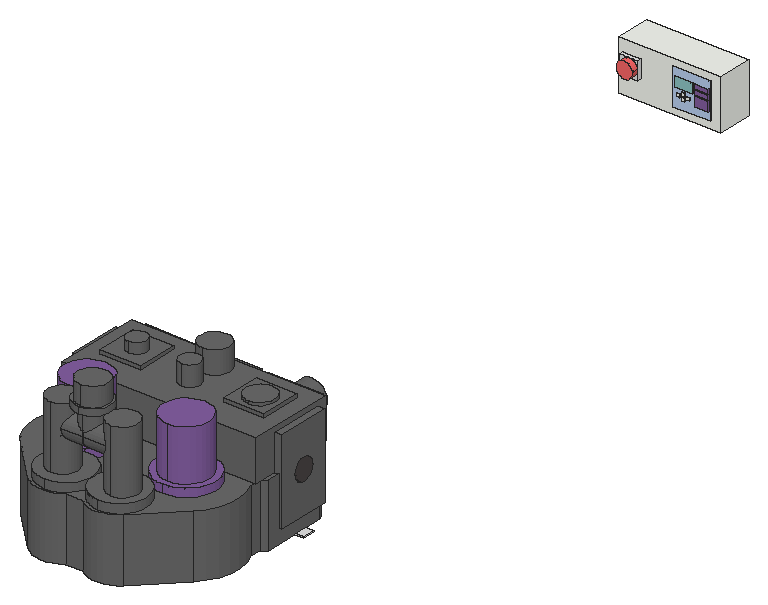
Revit family "11606", category Generic Models, Revit 2021
Family settings
  Can host rebar = No
  Round Connector Dimension = Use Diameter
  Part Type = Normal
  Work Plane-Based = No
  Always vertical = Yes
  Cut with Voids When Loaded = No
  Shared = Yes
  Room Calculation Point = No
Parameters (values of type "11606")
  SUPPLIER = "KESSEL"
  SA700ID50 = "intern"
  SA700ID49 = "Protection Class I"
  SA700ID48 = "no"
  SA700ID47 = "no"
  SA700ID46 = "yes"
  SA700ID37 = 16000 mm
  SA700ID34 = 47
  SA700ID33 = 3.2 W
  SA700ID32 = 58.83 kg
  SA700ID31 = 1
  SA700ID30 = 2
  SA700ID29 = "GLRD"
  SA700ID21 = 1600
  SA700ID10 = "yes"
  SA700ID08 = 400 V
  PROCUREWEBLINK = "https://p.caden.as/kessel/11606"
  PROCURELINK = "p.caden.as/kessel/11606"
  PROCUREDATALASTUPDATE = "2024-05-22T12:17:39.239053375+01:00"
  PRC_SPECIFICATIONLINK = "https://ausschreiben.de/catalog/kessel/catalogItem/27b4feb3-8cee-4f3e-bb78-c05c02e7d277"
  NN = "Lifting station Aqualift F"
  NBSYN = "$SA810ID03."
  NB = "11606"
  Model = "11606"
  Manufacturer = "KESSEL"
  MIdent = "{$CADENAS_DATA/23d-libs/kessel/kessel_vdi_import/4/entwaesserung/hebeanlage20aqualift20f.prj},197 {STYP=ASS},{VTYP=3D},{NB=11606},{LINA=11606},{NN=Lifting station Aqualift F},{DATE=21.11.2022 10:45:45},{GEOMDATE=21.11.2022 10:45:45},{VERSION=},{LINEID=60},{WBVAR=LODLEVEL},{WBNUMERIC=LODLEVEL}  {NB=11606},{LINA=11606},{KT=DUMMY},{PREVIEW=../../bilder/ksb_w_11606.png},{SA700ID04=Hebeanlage Aqualift F Duo, Comfort, SPF 3000-S1},{SA810ID06=04026092071045},{SA700ID34=47.00},{SA010ID03=201805},{SA810ID03=11606},{SA810ID10=Die Hebeanlage für fäkalienhaltiges und fäkalienfreies Abwasser ist mit zwei überflutbaren Pumpen sowie einem Rückflussverhinderer ausgestattet. Der Sammelbehälter aus dauerhaft beständigem Kunststoff (PE) bietet universale Anschlussmöglichkeiten und hat eine verschraubte Reinigungsöffnung.Die Steuerung erfolgt durch ein anwenderfreundliches Schaltgerät, das optional über einen potentialfreien Kontakt in die Gebäudeleittechnik eingebunden werden oder Alarm- und Sammelstörmeldungen über eine GSM-Schnittstelle (Comfort Schaltgerät) ausgeben kann.Ausführung:Absperreinrichtung: ohne SchieberAnlagenart: DoppelanlagePumpensteuerung: SchaltgerätRückflussverhinderer: integriertSchalldämmmatte: jaEinbausituation: freie AufstellungAbwasserart: fäkalienhaltigAllgemeine Merkmale:Farbe: schwarzNorm: EN 12050-1Abmessungen:Länge: 773 mmBreite: 780 mmHöhe: 539 mmBehälter/Grundkörper:Zulauf Anzahl: 2 STZulauf Nennweite (DN): 100 mmZulauf Nennweite (DA): 110 mmZulauf max. Anbohrung (DN): 150 mmAbstand Rohrsohle Zulauf zu Behälterboden: 245 mmAbstand Rohrmitte Zulauf zu Behälterboden: 300 mmAnschluss für Handmembranpumpe (DN): 32Behältervolumen: 120 lDruckabgang: senkrechtDruckabgang (DA): 110 mmDruckabgang (DN): 100 mmEntlüftungsanschluss (DN): 70 mmNutzvolumen: 50 lFreier Kugeldurchgang: 40 mmFördereinrichtung:Pumpe: SPF 3000Anzahl Pumpen: 2Förderhöhe max.: 16 mFörderleistung max.: 47 m3/hBetriebsart: S1Leistung P1: 3,2 kWLeistung P2: 2,7 kWDrehzahl: 2.890 U/minFörderguttemperatur (dauerhaft) max.: 40 °CAnschlusstyp: DirektanschlussGewicht: 26 kgLaufrad Typ: FreistromradLänge Netzanschlussleitung Pumpe: 5 mNennstrom: 5,4 ASchutzart Pumpe: IP 68 (3m/48h)Schutzklasse: ITyp Anschlussleitung Pumpe: H07RN-F 7G 1,5 mm2Temperaturüberwachung: integriertSteuerung:Schaltgerät: ComfortBetriebsspannung: 400 VNetzfrequenz: 50 HzSelbstdiagnosesystem (SDS): jaBatteriepufferung: jaMehrzeilige Displayanzeige: jaLogbuchfunktion: jaGSM-Schnittstelle: jaPotentialfreier Kontakt: jaErforderliche Absicherung (Leitungsschutz): 3 x C 20 AMotorschutz Schalter: jaSchutzart Schaltgerät: IP 54Länge Netzanschlussleitung Schaltgerät: 0 mArt Niveauerfassung: pneumatischInstrument Niveauerfassung: Tauchrohr mit DruckwächterAlarmgeber: Tauchrohr},{SA700ID37=16.00},{SA700ID33=3.20},{SA700ID08=400},{SA700ID30=2},{SA700ID32=58.83},{SA700ID49=Schutzklasse I},{SA700ID50=intern},{SA200ID03=6},{SA250ID03=vertikal},{SA260ID03=Trockenläuferpumpe},{SA350ID03=normalansaugend},{SA400ID03=E-Motor für Drehstrom},{SA460ID03=direkt},{SA500ID03=Kunststoff, Edelstahl},{SA700ID06=100},{SA700ID07=100},{SA700ID09=3/N/PE 400V},{SA700ID10=Ja},{SA700ID11=50},{SA700ID12=IP 68},{SA700ID13=F},{SA700ID15=40},{SA700ID21=1600.00},{SA700ID22=2.70},{SA700ID23=2890},{SA700ID24=2890},{SA700ID26=5.40},{SA700ID27=41.00},{SA700ID28=durchgehend},{SA700ID29=GLRD},{SA700ID31=1},{SA700ID46=ja},{SA700ID47=nein},{SA700ID48=nein},{SA110ID04=Hebeanlage Aqualift F},{SA300ID03=einstufig},{SA700ID44=10.00},{SA700ID45=10.00},{SA010ID04=KESSEL AG},{LODLEVEL=200},{LINK=https://www.kessel.de/info?han=11606},{SA970ID01=970},{SA970ID02=7037},{SA970ID03=11606},{SA970ID04=11002617},{SA970ID05=QUAD},{SA970ID06=-410},{SA970ID07=-678},{SA970ID08=0},{SA970ID09=1},{SA970ID10=0},{SA970ID11=0},{SA970ID12=0},{SA970ID13=1},{SA970ID14=0},{SA970ID15=819.99},{SA970ID16=843},{SA970ID17=600},{LODLEVEL_=200,'Low'},{LODLEVEL_DEU=200,'Low'},{LINK_=https://www.kessel.de/info?han=11606},{LINK_DEU=https://www.kessel.de/info?han=11606},{LODLEVEL_3DB=11606_200},{DNIN1=100},{DNIN2=70},{DNIN3=10},{DNIN4=10},{DNIN5=10},{DNIN6=50},{DNIN7=50},{DNIN8=50},{DNIN9=50},{DNOUT1=100},{DNOUT2=70},{DNOUT3=32},{ISDIN1=75},{ISDIN2=83.200},{ISDIN3=10},{ISDOUT1=70.000},{ISDOUT2=73.200},{ISDOUT3=75},{SA010ID01=010},{SA010ID02=4},{SA010ID06=www.kessel.de},{SA010ID07=www.kessel.de},{SA010ID12=20180713},{SA010ID13=DEU},{SA010ID14=DE},{SA100ID01=100},{SA100ID02=4},{SA100ID04=Entwässerung},{SA110ID01=110},{SA110ID02=4},{SA200ID01=200},{SA200ID02=6},{SA250ID01=250},{SA250ID02=2},{SA260ID01=260},{SA260ID02=2},{SA300ID01=300},{SA300ID02=1},{SA350ID01=350},{SA350ID02=1},{SA400ID01=400},{SA400ID02=2},{SA460ID01=460},{SA460ID02=1},{SA500ID01=500},{SA500ID02=1},{SA700ID01=700},{SA700ID02=7},{SA700ID10_=1},{SA700ID16=0},{SA700ID25=0},{SA700ID46_=1},{SA700ID47_=0},{SA700ID48_=0},{SA700ID49_=1},{SA700ID50_=2},{SA800ID01=800},{SA800ID02=7},{SA810ID01=810},{SA810ID02=7},{SA810ID04=11606},{SA810ID07=7},{SA810ID09=1},{SA810ID14=PCE},{SA810ID15=1},{SA810ID16=NMP},{SA960ID03=7},{SA960ID04=3L},{SA960ID08=https://www.kessel.de/info?han=11606},{SA010ID08=4026092000007},{SA100ID05=Hebeanlage},{SA110ID06=Hebeanlage}"
  LINK = "https://www.kessel.de/info?han=11606"
  LINA = "11606"
  Default Elevation = 0 mm
  CREATOR = "CADENAS GmbH"
  CATALOG = "KESSEL"
  BOMINFO = "LINA"
  ARTICLENO = "NB"
  4.810.00.9 Order quantity (multiplicator) = "1"
  4.810.00.7 Media- connection number = "7"
  4.810.00.6 GTIN number = "04026092071045"
  4.810.00.4 DATANORM number = "11606"
  4.810.00.3 Producer order number = "11606"
  4.710.03.7 Mass (net) = 58.83 kg
  4.710.03.6 Height = 539 mm
  4.710.03.5 Width = 780 mm
  4.710.03.4 Length = 773 mm
  4.710.03.3 Type of dimensions = "2"
  4.710.02.8 Area of application of wastewater pump = "1"
  4.710.02.6 Duty type = "S1"
  4.710.02.5 Cutting device = "0"
  4.710.02.4 Attached pump control = "1"
  4.710.02.3 Free passage = 40 mm
  4.710.01.6 Option to connect to building automation = "40"
  4.710.01.5 Load regulation = "0"
  4.710.01.4 Designation of closed-loop control = "50"
  4.710.01.3 Identifier for closed-loop control = "120"
  4.700.00.9 Voltage = 0
  4.700.00.8 Nominal connection size on suction side = "100"
  4.700.00.7 Nominal connection size on pressure side = "100"
  4.700.00.6 Type of connection = "100"
  4.700.00.4 Product indentification = "Hebeanlage Aqualift F Duo, Comfort, SPF 3000-S1"
  4.700.00.28 Motor pump shaft = "durchgehend"
  4.700.00.27 Starting current = 41
  4.700.00.26 Maximum power consumption per pump / drive = 5.4
  4.700.00.25 Minimum speed at internal speed adjustment = 0
  4.700.00.24 Nominal speed / maximum speed n = 48.1667
  4.700.00.23 Nominal speed of motor = 48.1667
  4.700.00.22 Maximum shaft output (P2) per pump/drive = 2.7 W
  4.700.00.16 Maximum temperature of pumped medium = 0 °C
  4.700.00.15 Increased safety class = "40 °C"
  4.700.00.13 Type of protection = "F"
  4.700.00.12 Frequency = 0
  4.700.00.11 Stern-/Dreieck-Anlaufschaltung bei Dreiphasenanschluss oder Drehstrom = "50 Hz"
  4.700.00.10 Phase = "1"
  4.500.00.3 Variant / Variant type / Accessories-name = "Kunststoff, Edelstahl"
  4.460.00.3 Variant / Variant type / Accessories-name = "direkt"
  4.400.00.3 Variant / Variant type / Accessories-name = "E-Motor für Drehstrom"
  4.350.00.3 Variant / Variant type / Accessories-name = "normalansaugend"
  4.300.00.3 Variant / Variant type / Accessories-name = "einstufig"
  4.260.00.3 Variant / Variant type / Accessories-name = "Trockenläuferpumpe"
  4.250.00.3 Variant / Variant type / Accessories-name = "vertikal"
  4.200.00.3 Variant / Variant type / Accessories-name = "6"
  4.110.00.6 Product classification = "Hebeanlage"
  4.110.00.4 Product indentification = "Hebeanlage Aqualift F"
  4.100.00.5 Main groups of wares = "Hebeanlage"
  4.100.00.4 Product indentification = "Entwässerung"
  4.010.00.8 Producer ID number = "4026092000007"
  4.010.00.7 Comment = "www.kessel.de"
  4.010.00.6 Web address of the manufacturer = "www.kessel.de"
  4.010.00.4 Manufacturer name = "KESSEL AG"
  4.010.00.3 Date of issuance (month) of guideline = "201805"
  4.010.00.2 Sheet number of the guideline = "4"
  4.010.00.14 Kennungen der Projektländer, für die die Datei gültig ist = "DE"
  4.010.00.13 Sprache der Datei = "DEU"
  4.010.00.12 Stand des Herstellerkatalogs = "20180713"
Reference planes
  plane 1 "Center (Front/Back)": y = 0
  plane 2: z = 0
  plane 3 "Center (Left/Right)": x = 0
Dimensions and locks
  aligned and locked: level to plane 2
Nested families
  nested 1: "11606_content" at (0, 0, 0), type "11606_Content"
  nested 2: "11606_part1_X0Y0" at (1000, 1000, 1200), type "11606_PART1_X0Y0"
  nested 3: "11606_part2_X0Y0" at (0, 0, 0), type "11606_PART2_X0Y0"
Connectors
  electrical at (861, 933, 1201.5)
    settings: on nested 2, index 1, voltage 0 V, apparent load 0 VA, apparent load phase1 0 VA, apparent load phase2 0 VA, apparent load phase3 0 VA, power factor 1, load classification "Other", number of poles 1, system type 31, power factor state 1, is connector primary yes, connector utility no, sub classification motor no, connector description ""
  piping at (230, 164.99, 301), diameter 100
    settings: on nested 3, index 2, connector inside diameter 609.6 mm, connector length 0 mm, flow factor 0, pipe flow 0.0 L/s, pressure drop 0.0 Pa, fitting loss kfactor 0, connector angle 0.00°, fixture units 0, engagement length 0 mm, angle of deflection 0.00°, flow configuration 0, flow direction 1, fitting loss method 2, system type 29, joint type 0, gender type 0, connector reference index -1, connector utility 0, adjustable connector no, is connector primary yes, connector description ""
  piping at (0, 0, 471), diameter 100
    settings: on nested 3, index 3, connector inside diameter 609.6 mm, connector length 0 mm, flow factor 0, pipe flow 0.0 L/s, pressure drop 0.0 Pa, fitting loss kfactor 0, connector angle 0.00°, fixture units 0, engagement length 0 mm, angle of deflection 0.00°, flow configuration 0, flow direction 1, fitting loss method 2, system type 29, joint type 0, gender type 0, connector reference index -1, connector utility 0, adjustable connector no, is connector primary no, connector description ""
  piping at (391.5, -74.999, 214), diameter 70
    settings: on nested 3, index 4, connector inside diameter 609.6 mm, connector length 0 mm, flow factor 0, pipe flow 0.0 L/s, pressure drop 0.0 Pa, fitting loss kfactor 0, connector angle 0.00°, fixture units 0, engagement length 0 mm, angle of deflection 0.00°, flow configuration 0, flow direction 0, fitting loss method 2, system type 29, joint type 0, gender type 0, connector reference index -1, connector utility 0, adjustable connector no, is connector primary no, connector description ""
  piping at (0.999, 96.5, 214), diameter 70
    settings: on nested 3, index 5, connector inside diameter 609.6 mm, connector length 0 mm, flow factor 0, pipe flow 0.0 L/s, pressure drop 0.0 Pa, fitting loss kfactor 0, connector angle 0.00°, fixture units 0, engagement length 0 mm, angle of deflection 0.00°, flow configuration 0, flow direction 0, fitting loss method 2, system type 29, joint type 0, gender type 0, connector reference index -1, connector utility 0, adjustable connector no, is connector primary no, connector description ""
  piping at (-230.25, 91.49, 214), diameter 70
    settings: on nested 3, index 6, connector inside diameter 609.6 mm, connector length 0 mm, flow factor 0, pipe flow 0.0 L/s, pressure drop 0.0 Pa, fitting loss kfactor 0, connector angle 0.00°, fixture units 0, engagement length 0 mm, angle of deflection 0.00°, flow configuration 0, flow direction 0, fitting loss method 2, system type 29, joint type 0, gender type 0, connector reference index -1, connector utility 0, adjustable connector no, is connector primary no, connector description ""
  piping at (-391.5, -75, 214), diameter 70
    settings: on nested 3, index 7, connector inside diameter 609.6 mm, connector length 0 mm, flow factor 0, pipe flow 0.0 L/s, pressure drop 0.0 Pa, fitting loss kfactor 0, connector angle 0.00°, fixture units 0, engagement length 0 mm, angle of deflection 0.00°, flow configuration 0, flow direction 0, fitting loss method 2, system type 29, joint type 0, gender type 0, connector reference index -1, connector utility 0, adjustable connector no, is connector primary no, connector description ""
  piping at (0, -115, 461), diameter 70
    settings: on nested 3, index 8, connector inside diameter 609.6 mm, connector length 0 mm, flow factor 0, pipe flow 0.0 L/s, pressure drop 0.0 Pa, fitting loss kfactor 0, connector angle 0.00°, fixture units 0, engagement length 0 mm, angle of deflection 0.00°, flow configuration 0, flow direction 2, fitting loss method 2, system type 29, joint type 0, gender type 0, connector reference index -1, connector utility 0, adjustable connector no, is connector primary no, connector description ""
  piping at (0, -568, 600), diameter 100
    settings: on nested 3, index 9, connector inside diameter 609.6 mm, connector length 0 mm, flow factor 0, pipe flow 0.0 L/s, pressure drop 0.0 Pa, fitting loss kfactor 0, connector angle 0.00°, fixture units 0, engagement length 0 mm, angle of deflection 0.00°, flow configuration 0, flow direction 2, fitting loss method 2, system type 29, joint type 0, gender type 0, connector reference index -1, connector utility 0, adjustable connector no, is connector primary no, connector description ""
  piping at (230, 164.99, 81.07), diameter 32
    settings: on nested 3, index 10, connector inside diameter 609.6 mm, connector length 0 mm, flow factor 0, pipe flow 0.0 L/s, pressure drop 0.0 Pa, fitting loss kfactor 0, connector angle 0.00°, fixture units 0, engagement length 0 mm, angle of deflection 0.00°, flow configuration 0, flow direction 2, fitting loss method 2, system type 29, joint type 0, gender type 0, connector reference index -1, connector utility 0, adjustable connector no, is connector primary no, connector description ""
  electrical at (185, -365, 457)
    settings: on nested 3, index 11, voltage 0 V, apparent load 0 VA, apparent load phase1 0 VA, apparent load phase2 0 VA, apparent load phase3 0 VA, power factor 1, load classification "Other", number of poles 1, system type 31, power factor state 1, is connector primary no, connector utility no, sub classification motor no, connector description ""
  electrical at (-185, -364.75, 457)
    settings: on nested 3, index 12, voltage 0 V, apparent load 0 VA, apparent load phase1 0 VA, apparent load phase2 0 VA, apparent load phase3 0 VA, power factor 1, load classification "Other", number of poles 1, system type 31, power factor state 1, is connector primary no, connector utility no, sub classification motor no, connector description ""
  electrical at (-230.6, -74.8, 436.49)
    settings: on nested 3, index 13, voltage 0 V, apparent load 0 VA, apparent load phase1 0 VA, apparent load phase2 0 VA, apparent load phase3 0 VA, power factor 1, load classification "Other", number of poles 1, system type 31, power factor state 1, is connector primary no, connector utility no, sub classification motor no, connector description ""
Definition of nested family "11606_part1_X0Y0"
  Parameters (values of type "11606_PART1_X0Y0")
    SUPPLIER = "KESSEL"
    SA700ID50 = "intern"
    SA700ID49 = "Protection Class I"
    SA700ID48 = "no"
    SA700ID47 = "no"
    SA700ID46 = "yes"
    SA700ID37 = 16000 mm
    SA700ID34 = 47
    SA700ID33 = 3.2 W
    SA700ID32 = 58.83 kg
    SA700ID31 = 1
    SA700ID30 = 2
    SA700ID29 = "GLRD"
    SA700ID21 = 1600
    SA700ID10 = "yes"
    SA700ID08 = 400 V
    NBSYN = "$SA810ID03._PART1"
    NB = "11606_PART1"
    Model = "11606_PART1"
    Manufacturer = "KESSEL"
    MIdent = "{$CADENAS_DATA/23d-libs/kessel/kessel_vdi_import/4/entwaesserung/hebeanlage20aqualift20f.prj},217 {VTYP=3D},{NB=11606_PART1},{LINA=11606_PART1},{NN=Lifting station Aqualift F_PART1},{NOPRJ=TRUE},{DATE=21.11.2022 10:45:45},{GEOMDATE=21.11.2022 10:45:45},{VERSION=},{LINEID=60},{WBVAR=LODLEVEL},{WBNUMERIC=LODLEVEL}  {NB=11606_PART1},{LINA=11606_PART1},{KT=DUMMY},{PREVIEW=../../bilder/ksb_w_11606.png},{SA700ID04=Hebeanlage Aqualift F Duo, Comfort, SPF 3000-S1},{SA810ID06=04026092071045},{SA700ID34=47.00},{SA010ID03=201805},{SA810ID03=11606},{SA810ID10=Die Hebeanlage für fäkalienhaltiges und fäkalienfreies Abwasser ist mit zwei überflutbaren Pumpen sowie einem Rückflussverhinderer ausgestattet. Der Sammelbehälter aus dauerhaft beständigem Kunststoff (PE) bietet universale Anschlussmöglichkeiten und hat eine verschraubte Reinigungsöffnung.Die Steuerung erfolgt durch ein anwenderfreundliches Schaltgerät, das optional über einen potentialfreien Kontakt in die Gebäudeleittechnik eingebunden werden oder Alarm- und Sammelstörmeldungen über eine GSM-Schnittstelle (Comfort Schaltgerät) ausgeben kann.Ausführung:Absperreinrichtung: ohne SchieberAnlagenart: DoppelanlagePumpensteuerung: SchaltgerätRückflussverhinderer: integriertSchalldämmmatte: jaEinbausituation: freie AufstellungAbwasserart: fäkalienhaltigAllgemeine Merkmale:Farbe: schwarzNorm: EN 12050-1Abmessungen:Länge: 773 mmBreite: 780 mmHöhe: 539 mmBehälter/Grundkörper:Zulauf Anzahl: 2 STZulauf Nennweite (DN): 100 mmZulauf Nennweite (DA): 110 mmZulauf max. Anbohrung (DN): 150 mmAbstand Rohrsohle Zulauf zu Behälterboden: 245 mmAbstand Rohrmitte Zulauf zu Behälterboden: 300 mmAnschluss für Handmembranpumpe (DN): 32Behältervolumen: 120 lDruckabgang: senkrechtDruckabgang (DA): 110 mmDruckabgang (DN): 100 mmEntlüftungsanschluss (DN): 70 mmNutzvolumen: 50 lFreier Kugeldurchgang: 40 mmFördereinrichtung:Pumpe: SPF 3000Anzahl Pumpen: 2Förderhöhe max.: 16 mFörderleistung max.: 47 m3/hBetriebsart: S1Leistung P1: 3,2 kWLeistung P2: 2,7 kWDrehzahl: 2.890 U/minFörderguttemperatur (dauerhaft) max.: 40 °CAnschlusstyp: DirektanschlussGewicht: 26 kgLaufrad Typ: FreistromradLänge Netzanschlussleitung Pumpe: 5 mNennstrom: 5,4 ASchutzart Pumpe: IP 68 (3m/48h)Schutzklasse: ITyp Anschlussleitung Pumpe: H07RN-F 7G 1,5 mm2Temperaturüberwachung: integriertSteuerung:Schaltgerät: ComfortBetriebsspannung: 400 VNetzfrequenz: 50 HzSelbstdiagnosesystem (SDS): jaBatteriepufferung: jaMehrzeilige Displayanzeige: jaLogbuchfunktion: jaGSM-Schnittstelle: jaPotentialfreier Kontakt: jaErforderliche Absicherung (Leitungsschutz): 3 x C 20 AMotorschutz Schalter: jaSchutzart Schaltgerät: IP 54Länge Netzanschlussleitung Schaltgerät: 0 mArt Niveauerfassung: pneumatischInstrument Niveauerfassung: Tauchrohr mit DruckwächterAlarmgeber: Tauchrohr},{SA700ID37=16.00},{SA700ID33=3.20},{SA700ID08=400},{SA700ID30=2},{SA700ID32=58.83},{SA700ID49=Schutzklasse I},{SA700ID50=intern},{SA200ID03=6},{SA250ID03=vertikal},{SA260ID03=Trockenläuferpumpe},{SA350ID03=normalansaugend},{SA400ID03=E-Motor für Drehstrom},{SA460ID03=direkt},{SA500ID03=Kunststoff, Edelstahl},{SA700ID06=100},{SA700ID07=100},{SA700ID09=3/N/PE 400V},{SA700ID10=Ja},{SA700ID11=50},{SA700ID12=IP 68},{SA700ID13=F},{SA700ID15=40},{SA700ID21=1600.00},{SA700ID22=2.70},{SA700ID23=2890},{SA700ID24=2890},{SA700ID26=5.40},{SA700ID27=41.00},{SA700ID28=durchgehend},{SA700ID29=GLRD},{SA700ID31=1},{SA700ID46=ja},{SA700ID47=nein},{SA700ID48=nein},{SA110ID04=Hebeanlage Aqualift F},{SA300ID03=einstufig},{SA700ID44=10.00},{SA700ID45=10.00},{SA010ID04=KESSEL AG},{LODLEVEL=200},{LINK=https://www.kessel.de/info?han=11606},{SA970ID01=970},{SA970ID02=7037},{SA970ID03=11606},{SA970ID04=11002617},{SA970ID05=QUAD},{SA970ID06=-410},{SA970ID07=-678},{SA970ID08=0},{SA970ID09=1},{SA970ID10=0},{SA970ID11=0},{SA970ID12=0},{SA970ID13=1},{SA970ID14=0},{SA970ID15=819.99},{SA970ID16=843},{SA970ID17=600},{LODLEVEL_=200,'Low'},{LODLEVEL_DEU=200,'Low'},{LINK_=https://www.kessel.de/info?han=11606},{LINK_DEU=https://www.kessel.de/info?han=11606},{LODLEVEL_3DB=11606_200},{DNIN1=100},{DNIN2=70},{DNIN3=10},{DNIN4=10},{DNIN5=10},{DNIN6=50},{DNIN7=50},{DNIN8=50},{DNIN9=50},{DNOUT1=100},{DNOUT2=70},{DNOUT3=32},{ISDIN1=75},{ISDIN2=83.200},{ISDIN3=10},{ISDOUT1=70.000},{ISDOUT2=73.200},{ISDOUT3=75},{SA010ID01=010},{SA010ID02=4},{SA010ID06=www.kessel.de},{SA010ID07=www.kessel.de},{SA010ID12=20180713},{SA010ID13=DEU},{SA010ID14=DE},{SA100ID01=100},{SA100ID02=4},{SA100ID04=Entwässerung},{SA110ID01=110},{SA110ID02=4},{SA200ID01=200},{SA200ID02=6},{SA250ID01=250},{SA250ID02=2},{SA260ID01=260},{SA260ID02=2},{SA300ID01=300},{SA300ID02=1},{SA350ID01=350},{SA350ID02=1},{SA400ID01=400},{SA400ID02=2},{SA460ID01=460},{SA460ID02=1},{SA500ID01=500},{SA500ID02=1},{SA700ID01=700},{SA700ID02=7},{SA700ID10_=1},{SA700ID16=0},{SA700ID25=0},{SA700ID46_=1},{SA700ID47_=0},{SA700ID48_=0},{SA700ID49_=1},{SA700ID50_=2},{SA800ID01=800},{SA800ID02=7},{SA810ID01=810},{SA810ID02=7},{SA810ID04=11606},{SA810ID07=7},{SA810ID09=1},{SA810ID14=PCE},{SA810ID15=1},{SA810ID16=NMP},{SA960ID03=7},{SA960ID04=3L},{SA960ID08=https://www.kessel.de/info?han=11606},{SA010ID08=4026092000007},{SA100ID05=Hebeanlage},{SA110ID06=Hebeanlage}"
    LINK = "https://www.kessel.de/info?han=11606"
    LINA = "11606_PART1"
    Default Elevation = 1219.2 mm
    CREATOR = "CADENAS GmbH"
    CATALOG = "KESSEL"
    BOMINFO = "LINA"
    ARTICLENO = "NB"
    4.810.00.9 Order quantity (multiplicator) = "1"
    4.810.00.7 Media- connection number = "7"
    4.810.00.6 GTIN number = "04026092071045"
    4.810.00.4 DATANORM number = "11606"
    4.810.00.3 Producer order number = "11606"
    4.710.03.7 Mass (net) = 58.83 kg
    4.710.03.6 Height = 539 mm
    4.710.03.5 Width = 780 mm
    4.710.03.4 Length = 773 mm
    4.710.03.3 Type of dimensions = "2"
    4.710.02.8 Area of application of wastewater pump = "1"
    4.710.02.6 Duty type = "S1"
    4.710.02.5 Cutting device = "0"
    4.710.02.4 Attached pump control = "1"
    4.710.02.3 Free passage = 40 mm
    4.710.01.6 Option to connect to building automation = "40"
    4.710.01.5 Load regulation = "0"
    4.710.01.4 Designation of closed-loop control = "50"
    4.710.01.3 Identifier for closed-loop control = "120"
    4.700.00.9 Voltage = 0
    4.700.00.8 Nominal connection size on suction side = "100"
    4.700.00.7 Nominal connection size on pressure side = "100"
    4.700.00.6 Type of connection = "100"
    4.700.00.4 Product indentification = "Hebeanlage Aqualift F Duo, Comfort, SPF 3000-S1"
    4.700.00.28 Motor pump shaft = "durchgehend"
    4.700.00.27 Starting current = 41
    4.700.00.26 Maximum power consumption per pump / drive = 5.4
    4.700.00.25 Minimum speed at internal speed adjustment = 0
    4.700.00.24 Nominal speed / maximum speed n = 48.1667
    4.700.00.23 Nominal speed of motor = 48.1667
    4.700.00.22 Maximum shaft output (P2) per pump/drive = 2.7 W
    4.700.00.16 Maximum temperature of pumped medium = 0 °C
    4.700.00.15 Increased safety class = "40 °C"
    4.700.00.13 Type of protection = "F"
    4.700.00.12 Frequency = 0
    4.700.00.11 Stern-/Dreieck-Anlaufschaltung bei Dreiphasenanschluss oder Drehstrom = "50 Hz"
    4.700.00.10 Phase = "1"
    4.500.00.3 Variant / Variant type / Accessories-name = "Kunststoff, Edelstahl"
    4.460.00.3 Variant / Variant type / Accessories-name = "direkt"
    4.400.00.3 Variant / Variant type / Accessories-name = "E-Motor für Drehstrom"
    4.350.00.3 Variant / Variant type / Accessories-name = "normalansaugend"
    4.300.00.3 Variant / Variant type / Accessories-name = "einstufig"
    4.260.00.3 Variant / Variant type / Accessories-name = "Trockenläuferpumpe"
    4.250.00.3 Variant / Variant type / Accessories-name = "vertikal"
    4.200.00.3 Variant / Variant type / Accessories-name = "6"
    4.110.00.6 Product classification = "Hebeanlage"
    4.110.00.4 Product indentification = "Hebeanlage Aqualift F"
    4.100.00.5 Main groups of wares = "Hebeanlage"
    4.100.00.4 Product indentification = "Entwässerung"
    4.010.00.8 Producer ID number = "4026092000007"
    4.010.00.7 Comment = "www.kessel.de"
    4.010.00.6 Web address of the manufacturer = "www.kessel.de"
    4.010.00.4 Manufacturer name = "KESSEL AG"
    4.010.00.3 Date of issuance (month) of guideline = "201805"
    4.010.00.2 Sheet number of the guideline = "4"
    4.010.00.14 Kennungen der Projektländer, für die die Datei gültig ist = "DE"
    4.010.00.13 Sprache der Datei = "DEU"
    4.010.00.12 Stand des Herstellerkatalogs = "20180713"
  Reference planes
    plane 1 "Center (Front/Back)": y = 0
    plane 2: z = 0
    plane 3 "Center (Left/Right)": x = 0
  Dimensions and locks
    aligned and locked: level to plane 2
  Nested families
    nested 1: "11606_part1_content" at (0, 0, 0), type "11606_PART1_Content"
  Definition of nested family "11606_part1_content"
    Parameters (values of type "11606_PART1_Content")
      SUPPLIER = "KESSEL"
      SA700ID50 = "intern"
      SA700ID49 = "Protection Class I"
      SA700ID48 = "no"
      SA700ID47 = "no"
      SA700ID46 = "yes"
      SA700ID37 = 16000 mm
      SA700ID34 = 47
      SA700ID33 = 3.2 W
      SA700ID32 = 58.83 kg
      SA700ID31 = 1
      SA700ID30 = 2
      SA700ID29 = "GLRD"
      SA700ID21 = 1600
      SA700ID10 = "yes"
      SA700ID08 = 400 V
      NBSYN = "$SA810ID03._PART1"
      NB = "11606_PART1"
      Model = "11606_PART1"
      Manufacturer = "KESSEL"
      LINK = "https://www.kessel.de/info?han=11606"
      LINA = "11606_PART1"
      Default Elevation = 1219.2 mm
      CREATOR = "CADENAS GmbH"
      CATALOG = "KESSEL"
      BOMINFO = "LINA"
      ARTICLENO = "NB"
      4.810.00.9 Order quantity (multiplicator) = "1"
      4.810.00.7 Media- connection number = "7"
      4.810.00.6 GTIN number = "04026092071045"
      4.810.00.4 DATANORM number = "11606"
      4.810.00.3 Producer order number = "11606"
      4.710.03.7 Mass (net) = 58.83 kg
      4.710.03.6 Height = 539 mm
      4.710.03.5 Width = 780 mm
      4.710.03.4 Length = 773 mm
      4.710.03.3 Type of dimensions = "2"
      4.710.02.8 Area of application of wastewater pump = "1"
      4.710.02.6 Duty type = "S1"
      4.710.02.5 Cutting device = "0"
      4.710.02.4 Attached pump control = "1"
      4.710.02.3 Free passage = 40 mm
      4.710.01.6 Option to connect to building automation = "40"
      4.710.01.5 Load regulation = "0"
      4.710.01.4 Designation of closed-loop control = "50"
      4.710.01.3 Identifier for closed-loop control = "120"
      4.700.00.9 Voltage = 0
      4.700.00.8 Nominal connection size on suction side = "100"
      4.700.00.7 Nominal connection size on pressure side = "100"
      4.700.00.6 Type of connection = "100"
      4.700.00.4 Product indentification = "Hebeanlage Aqualift F Duo, Comfort, SPF 3000-S1"
      4.700.00.28 Motor pump shaft = "durchgehend"
      4.700.00.27 Starting current = 41
      4.700.00.26 Maximum power consumption per pump / drive = 5.4
      4.700.00.25 Minimum speed at internal speed adjustment = 0
      4.700.00.24 Nominal speed / maximum speed n = 48.1667
      4.700.00.23 Nominal speed of motor = 48.1667
      4.700.00.22 Maximum shaft output (P2) per pump/drive = 2.7 W
      4.700.00.16 Maximum temperature of pumped medium = 0 °C
      4.700.00.15 Increased safety class = "40 °C"
      4.700.00.13 Type of protection = "F"
      4.700.00.12 Frequency = 0
      4.700.00.11 Stern-/Dreieck-Anlaufschaltung bei Dreiphasenanschluss oder Drehstrom = "50 Hz"
      4.700.00.10 Phase = "1"
      4.500.00.3 Variant / Variant type / Accessories-name = "Kunststoff, Edelstahl"
      4.460.00.3 Variant / Variant type / Accessories-name = "direkt"
      4.400.00.3 Variant / Variant type / Accessories-name = "E-Motor für Drehstrom"
      4.350.00.3 Variant / Variant type / Accessories-name = "normalansaugend"
      4.300.00.3 Variant / Variant type / Accessories-name = "einstufig"
      4.260.00.3 Variant / Variant type / Accessories-name = "Trockenläuferpumpe"
      4.250.00.3 Variant / Variant type / Accessories-name = "vertikal"
      4.200.00.3 Variant / Variant type / Accessories-name = "6"
      4.110.00.6 Product classification = "Hebeanlage"
      4.110.00.4 Product indentification = "Hebeanlage Aqualift F"
      4.100.00.5 Main groups of wares = "Hebeanlage"
      4.100.00.4 Product indentification = "Entwässerung"
      4.010.00.8 Producer ID number = "4026092000007"
      4.010.00.7 Comment = "www.kessel.de"
      4.010.00.6 Web address of the manufacturer = "www.kessel.de"
      4.010.00.4 Manufacturer name = "KESSEL AG"
      4.010.00.3 Date of issuance (month) of guideline = "201805"
      4.010.00.2 Sheet number of the guideline = "4"
      4.010.00.14 Kennungen der Projektländer, für die die Datei gültig ist = "DE"
      4.010.00.13 Sprache der Datei = "DEU"
      4.010.00.12 Stand des Herstellerkatalogs = "20180713"
    Reference planes
      plane 1 "Center (Front/Back)": y = 0
      plane 2: z = 0
      plane 3 "Center (Left/Right)": x = 0
    Forms (mm)
      Extrusion 1, solid, detail levels medium+fine
        sketch origin (189.25, -1.75, 0.2) x (0, -1, 0) y (0, 0, 1)
          loop
            line (0, 187.8) -> (0, 0) -> (127.75, 0) -> (127.75, 187.8) -> (0, 187.8)
        from 0 to 378.5
      Extrusion 2, solid, detail levels medium+fine
        sketch origin (-4, -67, 0) x (0, 1, 0) y (-1, 0, 0)
          loop
            circle (0, 0) r 12.5
        from 0 to 1.5
      Extrusion 3, solid, detail levels medium+fine
        sketch origin (150.8, -129.5, 26.5) x (0, -1, 0) y (0, 0, 1)
          loop
            line (-1.2, 134.8) -> (-1.2, 0) -> (0.25, 0) -> (0.25, 134.8) -> (-1.2, 134.8)
        from 0 to 139.9
      Extrusion 4, solid, detail levels medium+fine
        sketch origin (72.55, -129.75, 66) x (0, -1, 0) y (0, 0, 1)
          loop
            line (-1, 12) -> (-1, 0) -> (0.5, 0) -> (0.5, 12) -> (-1, 12)
        from 0 to 12
      Extrusion 5, solid, detail levels medium+fine
        sketch origin (84.45, -129.75, 93.4) x (0, -1, 0) y (0, 0, 1)
          loop
            line (-1, 37) -> (-1, 0) -> (0.5, 0) -> (0.5, 37) -> (-1, 37)
        from 0 to 66
      Extrusion 6, solid, detail levels medium+fine
        sketch origin (55.3, -129.75, 74) x (0, -1, 0) y (0, 0, 1)
          loop
            line (-1, 12) -> (-1, 0) -> (0.5, 0) -> (0.5, 12) -> (-1, 12)
        from 0 to 12
      Extrusion 7, solid, detail levels medium+fine
        sketch origin (143.3, -129.75, 94.4) x (0, -1, 0) y (0, 0, 1)
          loop
            line (0, 16) -> (0, 0) -> (1.75, 0) -> (1.75, 16) -> (0, 16)
        from 0 to 51
      Extrusion 8, solid, detail levels medium+fine
        sketch origin (143.3, -129.75, 54.4) x (0, -1, 0) y (0, 0, 1)
          loop
            line (0, 36) -> (0, 0) -> (1.75, 0) -> (1.75, 36) -> (0, 36)
        from 0 to 51
      Extrusion 9, solid, detail levels medium+fine
        sketch origin (55.3, -129.75, 57.5) x (0, -1, 0) y (0, 0, 1)
          loop
            line (-1, 12) -> (-1, 0) -> (0.5, 0) -> (0.5, 12) -> (-1, 12)
        from 0 to 12
      Extrusion 10, solid, detail levels medium+fine
        sketch origin (143.3, -129.75, 114.4) x (0, -1, 0) y (0, 0, 1)
          loop
            line (0, 16) -> (0, 0) -> (1.75, 0) -> (1.75, 16) -> (0, 16)
        from 0 to 51
      Extrusion 11, solid, detail levels medium+fine
        sketch origin (38.05, -129.75, 66) x (0, -1, 0) y (0, 0, 1)
          loop
            line (-1, 12) -> (-1, 0) -> (0.5, 0) -> (0.5, 12) -> (-1, 12)
        from 0 to 12
      Extrusion 12, solid, detail levels medium+fine
        sketch origin (47, -72, 0) x (0, 1, 0) y (-1, 0, 0)
          loop
            circle (0, 0) r 8
        from 0 to 1.5
      Extrusion 13, solid, detail levels medium+fine
        sketch origin (47, -42, 0) x (0, 1, 0) y (-1, 0, 0)
          loop
            circle (0, 0) r 5.25
        from 0 to 1.5
      Extrusion 14, solid, detail levels medium+fine
        sketch origin (77, -72, 0) x (0, 1, 0) y (-1, 0, 0)
          loop
            circle (0, 0) r 8
        from 0 to 1.5
      Extrusion 15, solid, detail levels medium+fine
        sketch origin (-94, -67, 0) x (0, 1, 0) y (-1, 0, 0)
          loop
            circle (0, 0) r 12.5
        from 0 to 1.5
      Extrusion 16, solid, detail levels medium+fine
        sketch origin (92, -42, 0) x (0, 1, 0) y (-1, 0, 0)
          loop
            circle (0, 0) r 8
        from 0 to 1.5
      Extrusion 17, solid, detail levels medium+fine
        sketch origin (107, -72, 0) x (0, 1, 0) y (-1, 0, 0)
          loop
            circle (0, 0) r 8
        from 0 to 1.5
      Extrusion 18, solid, detail levels medium+fine
        sketch origin (122, -42, 0) x (0, 1, 0) y (-1, 0, 0)
          loop
            circle (0, 0) r 8
        from 0 to 1.5
      Extrusion 19, solid, detail levels medium+fine
        sketch origin (-107.7, -129.5, 76.9) x (0, -1, 0) y (0, 0, 1)
          loop
            line (0, 67) -> (0, 0) -> (14, 0) -> (14, 67) -> (0, 67)
        from 0 to 67
      Extrusion 20, solid, detail levels medium+fine
        sketch origin (-141.2, -143.5, 110.4) x (1, 0, 0) y (0, 0, 1)
          loop
            circle (0, 0) r 30
        from 0 to 22
      Extrusion 21, solid, detail levels medium+fine
        sketch origin (127, -15, 0) x (0, 1, 0) y (-1, 0, 0)
          loop
            circle (0, 0) r 6
        from 0 to 1.5
      Extrusion 22, solid, detail levels medium+fine
        sketch origin (137, -72, 0) x (0, 1, 0) y (-1, 0, 0)
          loop
            circle (0, 0) r 8
        from 0 to 1.5
      Extrusion 23, solid, detail levels medium+fine
        sketch origin (-139, -67, 0) x (0, 1, 0) y (-1, 0, 0)
          loop
            circle (0, 0) r 12.5
        from 0 to 1.5
      Extrusion 24, solid, detail levels medium+fine
        sketch origin (152, -42, 0) x (0, 1, 0) y (-1, 0, 0)
          loop
            circle (0, 0) r 8
        from 0 to 1.5
      Extrusion 25, solid, detail levels coarse
        sketch origin (0, -83.625, 0) x (1, 0, 0) y (0, 1, 0)
          loop
            line (-189.25, -81.875) -> (189.25, -81.875) -> (189.25, 81.875) -> (-189.25, 81.875) -> (-189.25, -81.875)
        from 0 to 188
    Dimensions and locks
      aligned and locked: level to plane 2
Definition of nested family "11606_part2_X0Y0"
  Parameters (values of type "11606_PART2_X0Y0")
    SUPPLIER = "KESSEL"
    SA700ID50 = "intern"
    SA700ID49 = "Protection Class I"
    SA700ID48 = "no"
    SA700ID47 = "no"
    SA700ID46 = "yes"
    SA700ID37 = 16000 mm
    SA700ID34 = 47
    SA700ID33 = 3.2 W
    SA700ID32 = 58.83 kg
    SA700ID31 = 1
    SA700ID30 = 2
    SA700ID29 = "GLRD"
    SA700ID21 = 1600
    SA700ID10 = "yes"
    SA700ID08 = 400 V
    NBSYN = "$SA810ID03._PART2"
    NB = "11606_PART2"
    Model = "11606_PART2"
    Manufacturer = "KESSEL"
    MIdent = "{$CADENAS_DATA/23d-libs/kessel/kessel_vdi_import/4/entwaesserung/hebeanlage20aqualift20f.prj},217 {VTYP=3D},{NB=11606_PART2},{LINA=11606_PART2},{NN=Lifting station Aqualift F_PART2},{NOPRJ=TRUE},{DATE=21.11.2022 10:45:45},{GEOMDATE=21.11.2022 10:45:45},{VERSION=},{LINEID=60},{WBVAR=LODLEVEL},{WBNUMERIC=LODLEVEL}  {NB=11606_PART2},{LINA=11606_PART2},{KT=DUMMY},{PREVIEW=../../bilder/ksb_w_11606.png},{SA700ID04=Hebeanlage Aqualift F Duo, Comfort, SPF 3000-S1},{SA810ID06=04026092071045},{SA700ID34=47.00},{SA010ID03=201805},{SA810ID03=11606},{SA810ID10=Die Hebeanlage für fäkalienhaltiges und fäkalienfreies Abwasser ist mit zwei überflutbaren Pumpen sowie einem Rückflussverhinderer ausgestattet. Der Sammelbehälter aus dauerhaft beständigem Kunststoff (PE) bietet universale Anschlussmöglichkeiten und hat eine verschraubte Reinigungsöffnung.Die Steuerung erfolgt durch ein anwenderfreundliches Schaltgerät, das optional über einen potentialfreien Kontakt in die Gebäudeleittechnik eingebunden werden oder Alarm- und Sammelstörmeldungen über eine GSM-Schnittstelle (Comfort Schaltgerät) ausgeben kann.Ausführung:Absperreinrichtung: ohne SchieberAnlagenart: DoppelanlagePumpensteuerung: SchaltgerätRückflussverhinderer: integriertSchalldämmmatte: jaEinbausituation: freie AufstellungAbwasserart: fäkalienhaltigAllgemeine Merkmale:Farbe: schwarzNorm: EN 12050-1Abmessungen:Länge: 773 mmBreite: 780 mmHöhe: 539 mmBehälter/Grundkörper:Zulauf Anzahl: 2 STZulauf Nennweite (DN): 100 mmZulauf Nennweite (DA): 110 mmZulauf max. Anbohrung (DN): 150 mmAbstand Rohrsohle Zulauf zu Behälterboden: 245 mmAbstand Rohrmitte Zulauf zu Behälterboden: 300 mmAnschluss für Handmembranpumpe (DN): 32Behältervolumen: 120 lDruckabgang: senkrechtDruckabgang (DA): 110 mmDruckabgang (DN): 100 mmEntlüftungsanschluss (DN): 70 mmNutzvolumen: 50 lFreier Kugeldurchgang: 40 mmFördereinrichtung:Pumpe: SPF 3000Anzahl Pumpen: 2Förderhöhe max.: 16 mFörderleistung max.: 47 m3/hBetriebsart: S1Leistung P1: 3,2 kWLeistung P2: 2,7 kWDrehzahl: 2.890 U/minFörderguttemperatur (dauerhaft) max.: 40 °CAnschlusstyp: DirektanschlussGewicht: 26 kgLaufrad Typ: FreistromradLänge Netzanschlussleitung Pumpe: 5 mNennstrom: 5,4 ASchutzart Pumpe: IP 68 (3m/48h)Schutzklasse: ITyp Anschlussleitung Pumpe: H07RN-F 7G 1,5 mm2Temperaturüberwachung: integriertSteuerung:Schaltgerät: ComfortBetriebsspannung: 400 VNetzfrequenz: 50 HzSelbstdiagnosesystem (SDS): jaBatteriepufferung: jaMehrzeilige Displayanzeige: jaLogbuchfunktion: jaGSM-Schnittstelle: jaPotentialfreier Kontakt: jaErforderliche Absicherung (Leitungsschutz): 3 x C 20 AMotorschutz Schalter: jaSchutzart Schaltgerät: IP 54Länge Netzanschlussleitung Schaltgerät: 0 mArt Niveauerfassung: pneumatischInstrument Niveauerfassung: Tauchrohr mit DruckwächterAlarmgeber: Tauchrohr},{SA700ID37=16.00},{SA700ID33=3.20},{SA700ID08=400},{SA700ID30=2},{SA700ID32=58.83},{SA700ID49=Schutzklasse I},{SA700ID50=intern},{SA200ID03=6},{SA250ID03=vertikal},{SA260ID03=Trockenläuferpumpe},{SA350ID03=normalansaugend},{SA400ID03=E-Motor für Drehstrom},{SA460ID03=direkt},{SA500ID03=Kunststoff, Edelstahl},{SA700ID06=100},{SA700ID07=100},{SA700ID09=3/N/PE 400V},{SA700ID10=Ja},{SA700ID11=50},{SA700ID12=IP 68},{SA700ID13=F},{SA700ID15=40},{SA700ID21=1600.00},{SA700ID22=2.70},{SA700ID23=2890},{SA700ID24=2890},{SA700ID26=5.40},{SA700ID27=41.00},{SA700ID28=durchgehend},{SA700ID29=GLRD},{SA700ID31=1},{SA700ID46=ja},{SA700ID47=nein},{SA700ID48=nein},{SA110ID04=Hebeanlage Aqualift F},{SA300ID03=einstufig},{SA700ID44=10.00},{SA700ID45=10.00},{SA010ID04=KESSEL AG},{LODLEVEL=200},{LINK=https://www.kessel.de/info?han=11606},{SA970ID01=970},{SA970ID02=7037},{SA970ID03=11606},{SA970ID04=11002617},{SA970ID05=QUAD},{SA970ID06=-410},{SA970ID07=-678},{SA970ID08=0},{SA970ID09=1},{SA970ID10=0},{SA970ID11=0},{SA970ID12=0},{SA970ID13=1},{SA970ID14=0},{SA970ID15=819.99},{SA970ID16=843},{SA970ID17=600},{LODLEVEL_=200,'Low'},{LODLEVEL_DEU=200,'Low'},{LINK_=https://www.kessel.de/info?han=11606},{LINK_DEU=https://www.kessel.de/info?han=11606},{LODLEVEL_3DB=11606_200},{DNIN1=100},{DNIN2=70},{DNIN3=10},{DNIN4=10},{DNIN5=10},{DNIN6=50},{DNIN7=50},{DNIN8=50},{DNIN9=50},{DNOUT1=100},{DNOUT2=70},{DNOUT3=32},{ISDIN1=75},{ISDIN2=83.200},{ISDIN3=10},{ISDOUT1=70.000},{ISDOUT2=73.200},{ISDOUT3=75},{SA010ID01=010},{SA010ID02=4},{SA010ID06=www.kessel.de},{SA010ID07=www.kessel.de},{SA010ID12=20180713},{SA010ID13=DEU},{SA010ID14=DE},{SA100ID01=100},{SA100ID02=4},{SA100ID04=Entwässerung},{SA110ID01=110},{SA110ID02=4},{SA200ID01=200},{SA200ID02=6},{SA250ID01=250},{SA250ID02=2},{SA260ID01=260},{SA260ID02=2},{SA300ID01=300},{SA300ID02=1},{SA350ID01=350},{SA350ID02=1},{SA400ID01=400},{SA400ID02=2},{SA460ID01=460},{SA460ID02=1},{SA500ID01=500},{SA500ID02=1},{SA700ID01=700},{SA700ID02=7},{SA700ID10_=1},{SA700ID16=0},{SA700ID25=0},{SA700ID46_=1},{SA700ID47_=0},{SA700ID48_=0},{SA700ID49_=1},{SA700ID50_=2},{SA800ID01=800},{SA800ID02=7},{SA810ID01=810},{SA810ID02=7},{SA810ID04=11606},{SA810ID07=7},{SA810ID09=1},{SA810ID14=PCE},{SA810ID15=1},{SA810ID16=NMP},{SA960ID03=7},{SA960ID04=3L},{SA960ID08=https://www.kessel.de/info?han=11606},{SA010ID08=4026092000007},{SA100ID05=Hebeanlage},{SA110ID06=Hebeanlage}"
    LINK = "https://www.kessel.de/info?han=11606"
    LINA = "11606_PART2"
    Default Elevation = 1219.2 mm
    CREATOR = "CADENAS GmbH"
    CATALOG = "KESSEL"
    BOMINFO = "LINA"
    ARTICLENO = "NB"
    4.810.00.9 Order quantity (multiplicator) = "1"
    4.810.00.7 Media- connection number = "7"
    4.810.00.6 GTIN number = "04026092071045"
    4.810.00.4 DATANORM number = "11606"
    4.810.00.3 Producer order number = "11606"
    4.710.03.7 Mass (net) = 58.83 kg
    4.710.03.6 Height = 539 mm
    4.710.03.5 Width = 780 mm
    4.710.03.4 Length = 773 mm
    4.710.03.3 Type of dimensions = "2"
    4.710.02.8 Area of application of wastewater pump = "1"
    4.710.02.6 Duty type = "S1"
    4.710.02.5 Cutting device = "0"
    4.710.02.4 Attached pump control = "1"
    4.710.02.3 Free passage = 40 mm
    4.710.01.6 Option to connect to building automation = "40"
    4.710.01.5 Load regulation = "0"
    4.710.01.4 Designation of closed-loop control = "50"
    4.710.01.3 Identifier for closed-loop control = "120"
    4.700.00.9 Voltage = 0
    4.700.00.8 Nominal connection size on suction side = "100"
    4.700.00.7 Nominal connection size on pressure side = "100"
    4.700.00.6 Type of connection = "100"
    4.700.00.4 Product indentification = "Hebeanlage Aqualift F Duo, Comfort, SPF 3000-S1"
    4.700.00.28 Motor pump shaft = "durchgehend"
    4.700.00.27 Starting current = 41
    4.700.00.26 Maximum power consumption per pump / drive = 5.4
    4.700.00.25 Minimum speed at internal speed adjustment = 0
    4.700.00.24 Nominal speed / maximum speed n = 48.1667
    4.700.00.23 Nominal speed of motor = 48.1667
    4.700.00.22 Maximum shaft output (P2) per pump/drive = 2.7 W
    4.700.00.16 Maximum temperature of pumped medium = 0 °C
    4.700.00.15 Increased safety class = "40 °C"
    4.700.00.13 Type of protection = "F"
    4.700.00.12 Frequency = 0
    4.700.00.11 Stern-/Dreieck-Anlaufschaltung bei Dreiphasenanschluss oder Drehstrom = "50 Hz"
    4.700.00.10 Phase = "1"
    4.500.00.3 Variant / Variant type / Accessories-name = "Kunststoff, Edelstahl"
    4.460.00.3 Variant / Variant type / Accessories-name = "direkt"
    4.400.00.3 Variant / Variant type / Accessories-name = "E-Motor für Drehstrom"
    4.350.00.3 Variant / Variant type / Accessories-name = "normalansaugend"
    4.300.00.3 Variant / Variant type / Accessories-name = "einstufig"
    4.260.00.3 Variant / Variant type / Accessories-name = "Trockenläuferpumpe"
    4.250.00.3 Variant / Variant type / Accessories-name = "vertikal"
    4.200.00.3 Variant / Variant type / Accessories-name = "6"
    4.110.00.6 Product classification = "Hebeanlage"
    4.110.00.4 Product indentification = "Hebeanlage Aqualift F"
    4.100.00.5 Main groups of wares = "Hebeanlage"
    4.100.00.4 Product indentification = "Entwässerung"
    4.010.00.8 Producer ID number = "4026092000007"
    4.010.00.7 Comment = "www.kessel.de"
    4.010.00.6 Web address of the manufacturer = "www.kessel.de"
    4.010.00.4 Manufacturer name = "KESSEL AG"
    4.010.00.3 Date of issuance (month) of guideline = "201805"
    4.010.00.2 Sheet number of the guideline = "4"
    4.010.00.14 Kennungen der Projektländer, für die die Datei gültig ist = "DE"
    4.010.00.13 Sprache der Datei = "DEU"
    4.010.00.12 Stand des Herstellerkatalogs = "20180713"
  Reference planes
    plane 1 "Center (Front/Back)": y = 0
    plane 2: z = 0
    plane 3 "Center (Left/Right)": x = 0
  Dimensions and locks
    aligned and locked: level to plane 2
  Nested families
    nested 1: "11606_part2_content" at (0, 0, 0), type "11606_PART2_Content"
  Definition of nested family "11606_part2_content"
    Parameters (values of type "11606_PART2_Content")
      SUPPLIER = "KESSEL"
      SA700ID50 = "intern"
      SA700ID49 = "Protection Class I"
      SA700ID48 = "no"
      SA700ID47 = "no"
      SA700ID46 = "yes"
      SA700ID37 = 16000 mm
      SA700ID34 = 47
      SA700ID33 = 3.2 W
      SA700ID32 = 58.83 kg
      SA700ID31 = 1
      SA700ID30 = 2
      SA700ID29 = "GLRD"
      SA700ID21 = 1600
      SA700ID10 = "yes"
      SA700ID08 = 400 V
      NBSYN = "$SA810ID03._PART2"
      NB = "11606_PART2"
      Model = "11606_PART2"
      Manufacturer = "KESSEL"
      LINK = "https://www.kessel.de/info?han=11606"
      LINA = "11606_PART2"
      Default Elevation = 1219.2 mm
      CREATOR = "CADENAS GmbH"
      CATALOG = "KESSEL"
      BOMINFO = "LINA"
      ARTICLENO = "NB"
      4.810.00.9 Order quantity (multiplicator) = "1"
      4.810.00.7 Media- connection number = "7"
      4.810.00.6 GTIN number = "04026092071045"
      4.810.00.4 DATANORM number = "11606"
      4.810.00.3 Producer order number = "11606"
      4.710.03.7 Mass (net) = 58.83 kg
      4.710.03.6 Height = 539 mm
      4.710.03.5 Width = 780 mm
      4.710.03.4 Length = 773 mm
      4.710.03.3 Type of dimensions = "2"
      4.710.02.8 Area of application of wastewater pump = "1"
      4.710.02.6 Duty type = "S1"
      4.710.02.5 Cutting device = "0"
      4.710.02.4 Attached pump control = "1"
      4.710.02.3 Free passage = 40 mm
      4.710.01.6 Option to connect to building automation = "40"
      4.710.01.5 Load regulation = "0"
      4.710.01.4 Designation of closed-loop control = "50"
      4.710.01.3 Identifier for closed-loop control = "120"
      4.700.00.9 Voltage = 0
      4.700.00.8 Nominal connection size on suction side = "100"
      4.700.00.7 Nominal connection size on pressure side = "100"
      4.700.00.6 Type of connection = "100"
      4.700.00.4 Product indentification = "Hebeanlage Aqualift F Duo, Comfort, SPF 3000-S1"
      4.700.00.28 Motor pump shaft = "durchgehend"
      4.700.00.27 Starting current = 41
      4.700.00.26 Maximum power consumption per pump / drive = 5.4
      4.700.00.25 Minimum speed at internal speed adjustment = 0
      4.700.00.24 Nominal speed / maximum speed n = 48.1667
      4.700.00.23 Nominal speed of motor = 48.1667
      4.700.00.22 Maximum shaft output (P2) per pump/drive = 2.7 W
      4.700.00.16 Maximum temperature of pumped medium = 0 °C
      4.700.00.15 Increased safety class = "40 °C"
      4.700.00.13 Type of protection = "F"
      4.700.00.12 Frequency = 0
      4.700.00.11 Stern-/Dreieck-Anlaufschaltung bei Dreiphasenanschluss oder Drehstrom = "50 Hz"
      4.700.00.10 Phase = "1"
      4.500.00.3 Variant / Variant type / Accessories-name = "Kunststoff, Edelstahl"
      4.460.00.3 Variant / Variant type / Accessories-name = "direkt"
      4.400.00.3 Variant / Variant type / Accessories-name = "E-Motor für Drehstrom"
      4.350.00.3 Variant / Variant type / Accessories-name = "normalansaugend"
      4.300.00.3 Variant / Variant type / Accessories-name = "einstufig"
      4.260.00.3 Variant / Variant type / Accessories-name = "Trockenläuferpumpe"
      4.250.00.3 Variant / Variant type / Accessories-name = "vertikal"
      4.200.00.3 Variant / Variant type / Accessories-name = "6"
      4.110.00.6 Product classification = "Hebeanlage"
      4.110.00.4 Product indentification = "Hebeanlage Aqualift F"
      4.100.00.5 Main groups of wares = "Hebeanlage"
      4.100.00.4 Product indentification = "Entwässerung"
      4.010.00.8 Producer ID number = "4026092000007"
      4.010.00.7 Comment = "www.kessel.de"
      4.010.00.6 Web address of the manufacturer = "www.kessel.de"
      4.010.00.4 Manufacturer name = "KESSEL AG"
      4.010.00.3 Date of issuance (month) of guideline = "201805"
      4.010.00.2 Sheet number of the guideline = "4"
      4.010.00.14 Kennungen der Projektländer, für die die Datei gültig ist = "DE"
      4.010.00.13 Sprache der Datei = "DEU"
      4.010.00.12 Stand des Herstellerkatalogs = "20180713"
    Reference planes
      plane 1 "Center (Front/Back)": y = 0
      plane 2: z = 0
      plane 3 "Center (Left/Right)": x = 0
    Forms (mm)
      Extrusion 1, solid, detail levels medium+fine
        sketch origin (0, -568, 1) x (1, 0, 0) y (0, 1, 0)
          loop
            arc (-359.63, 289.09) -> (-377.037, 171.688) -> (-322.8, 66.12) r 193.985
            line (-322.8, 66.12) -> (-178.896, -77.784)
            arc (-178.896, -77.784) -> (-106.491, -109.869) -> (-31.3, -85) r 109.994
            line (-31.3, -85) -> (30.05, -85)
            arc (30.05, -85) -> (105.241, -109.869) -> (177.646, -77.784) r 109.994
            line (177.646, -77.784) -> (321.55, 66.12)
            arc (321.55, 66.12) -> (375.787, 171.688) -> (358.38, 289.09) r 193.985
            line (358.38, 289.09) -> (358.38, 329.14)
            arc (358.38, 329.14) -> (369.106, 336.803) -> (377.46, 347) r 50.072
            line (377.46, 347) -> (377.46, 585.43)
            arc (377.46, 585.43) -> (354.513, 616.507) -> (321.5, 636.57) r 100.023
            line (321.5, 636.57) -> (-322.75, 636.57)
            arc (-322.75, 636.57) -> (-355.763, 616.507) -> (-378.71, 585.43) r 100.023
            line (-378.71, 585.43) -> (-378.71, 347)
            arc (-378.71, 347) -> (-370.356, 336.803) -> (-359.63, 329.14) r 50.072
            line (-359.63, 329.14) -> (-359.63, 289.09)
        from 0 to 235
      Extrusion 2, solid, detail levels medium+fine
        sketch origin (-185, -364.75, 236) x (0, 1, 0) y (-1, 0, 0)
          loop
            circle (0, 0) r 110
        from 0 to 30
      Extrusion 3, solid, detail levels medium+fine
        sketch origin (-185, -364.75, 266) x (0, 1, 0) y (-1, 0, 0)
          loop
            circle (0, 0) r 86
        from 0 to 191
      Extrusion 4, solid, detail levels medium+fine
        sketch origin (-100, -568, 236) x (0, -1, 0) y (1, 0, 0)
          loop
            circle (0, 0) r 100
        from 0 to 32
      Extrusion 5, solid, detail levels medium+fine
        sketch origin (-112, -568, 268) x (0, -1, 0) y (1, 0, 0)
          loop
            circle (0, 0) r 56
        from 0 to 234
      Extrusion 6, solid, detail levels medium+fine
        sketch origin (0, -568, 420) x (0, -1, 0) y (0, 0, 1)
          loop
            circle (0, 0) r 48.5
        from 0 to 112
      Extrusion 7, solid, detail levels medium+fine
        sketch origin (0, -568, 420) x (0, 1, 0) y (-1, 0, 0)
          loop
            circle (0, 0) r 45
        from 0 to 87
      Extrusion 8, solid, detail levels medium+fine
        sketch origin (0, -568, 507) x (0, 1, 0) y (-1, 0, 0)
          loop
            circle (0, 0) r 67
        from 0 to 23
      Extrusion 9, solid, detail levels medium+fine
        sketch origin (0, -568, 530) x (0, 1, 0) y (-1, 0, 0)
          loop
            circle (0, 0) r 57
        from 0 to 70
      Extrusion 10, solid, detail levels medium+fine
        sketch origin (0, -568, 420) x (0, 1, 0) y (0, 0, 1)
          loop
            circle (0, 0) r 48.5
        from 0 to 112
      Extrusion 11, solid, detail levels medium+fine
        sketch origin (112, -568, 268) x (0, 1, 0) y (-1, 0, 0)
          loop
            circle (0, 0) r 56
        from 0 to 234
      Extrusion 12, solid, detail levels medium+fine
        sketch origin (100, -568, 236) x (0, 1, 0) y (-1, 0, 0)
          loop
            circle (0, 0) r 100.1
        from 0 to 32
      Extrusion 13, solid, detail levels medium+fine
        sketch origin (185, -365, 236) x (0, 1, 0) y (-1, 0, 0)
          loop
            circle (0, 0) r 110
        from 0 to 30
      Extrusion 14, solid, detail levels medium+fine
        sketch origin (185, -365, 266) x (0, 1, 0) y (-1, 0, 0)
          loop
            circle (0, 0) r 86
        from 0 to 191
      Extrusion 15, solid, detail levels medium+fine
        sketch origin (-360.5, -261.1, 236) x (0, 1, 0) y (0, 0, 1)
          loop
            line (0, 151.8) -> (0, 0) -> (325.6, 0) -> (325.6, 151.8) -> (0, 151.8)
        from 0 to 722
      Extrusion 16, solid, detail levels medium+fine
        sketch origin (0, -115, 387.8) x (0, 1, 0) y (-1, 0, 0)
          loop
            circle (0, 0) r 37.5
        from 0 to 73.2
      Extrusion 17, solid, detail levels medium+fine
        sketch origin (0, 0, 387.8) x (0, 1, 0) y (-1, 0, 0)
          loop
            circle (0, 0) r 55
        from 0 to 83.2
      Extrusion 18, solid, detail levels medium+fine
        sketch origin (-100, 64.3, 75.8) x (0, 1, 0) y (0, 0, 1)
          loop
            line (0, 295) -> (0, 0) -> (30.8, 0) -> (30.8, 295) -> (0, 295)
        from 0 to 200
      Extrusion 19, solid, detail levels medium+fine
        sketch origin (0.999, 95, 214) x (1, 0, 0) y (0, 0, -1)
          loop
            circle (0, 0) r 40
        from 0 to 1.5
      Extrusion 20, solid, detail levels medium+fine
        sketch origin (305.4, 2.2, 387.8) x (0, -1, 0) y (0, 0, 1)
          loop
            line (0, 12.2) -> (0, 0) -> (154, 0) -> (154, 12.2) -> (0, 12.2)
        from 0 to 152
      Extrusion 21, solid, detail levels medium+fine
        sketch origin (229.4, -74.8, 399.99) x (0, 1, 0) y (-1, 0, 0)
          loop
            circle (0, 0) r 55
        from 0 to 9
      Extrusion 22, solid, detail levels medium+fine
        sketch origin (-154.6, 2.2, 387.8) x (0, -1, 0) y (0, 0, 1)
          loop
            line (0, 12.2) -> (0, 0) -> (154, 0) -> (154, 12.2) -> (0, 12.2)
        from 0 to 152
      Extrusion 23, solid, detail levels medium+fine
        sketch origin (-230.6, -74.8, 399.99) x (0, 1, 0) y (-1, 0, 0)
          loop
            circle (0, 0) r 36
        from 0 to 36.5
      Extrusion 24, solid, detail levels medium+fine
        sketch origin (130, 64.5, 55.8) x (0, 1, 0) y (0, 0, 1)
          loop
            line (0, 315) -> (0, 0) -> (25.5, 0) -> (25.5, 315) -> (0, 315)
        from 0 to 200
      Extrusion 25, solid, detail levels medium+fine
        sketch origin (230, 89.99, 301) x (-1, 0, 0) y (0, 0, 1)
          loop
            circle (0, 0) r 55
        from 0 to 75
      Extrusion 26, solid, detail levels medium+fine
        sketch origin (230, 89.99, 81.07) x (-1, 0, 0) y (0, 0, 1)
          loop
            circle (0, 0) r 20
        from 0 to 75
      Extrusion 27, solid, detail levels medium+fine
        sketch origin (-330.3, 64.5, 56) x (0, 1, 0) y (0, 0, 1)
          loop
            line (0, 315) -> (0, 0) -> (25.5, 0) -> (25.5, 315) -> (0, 315)
        from 0 to 200
      Extrusion 28, solid, detail levels medium+fine
        sketch origin (-230.25, 89.99, 214) x (1, 0, 0) y (0, 0, -1)
          loop
            circle (0, 0) r 40
        from 0 to 1.5
      Extrusion 29, solid, detail levels medium+fine
        sketch origin (361.5, -175, 56) x (0, 1, 0) y (0, 0, 1)
          loop
            line (0, 315) -> (0, 0) -> (200, 0) -> (200, 315) -> (0, 315)
        from 0 to 28.5
      Extrusion 30, solid, detail levels medium+fine
        sketch origin (390, -74.999, 214) x (0, -1, 0) y (0, 0, -1)
          loop
            circle (0, 0) r 40
        from 0 to 1.5
      Extrusion 31, solid, detail levels medium+fine
        sketch origin (-390, -175, 56) x (0, 1, 0) y (0, 0, 1)
          loop
            line (0, 315) -> (0, 0) -> (200, 0) -> (200, 315) -> (0, 315)
        from 0 to 29.5
      Extrusion 32, solid, detail levels medium+fine
        sketch origin (-390, -75, 214) x (0, 1, 0) y (0, 0, -1)
          loop
            circle (0, 0) r 40
        from 0 to 1.5
      Extrusion 33, solid, detail levels medium+fine
        sketch origin (-378.5, -52.33, 0) x (0, -1, 0) y (0, 0, 1)
          loop
            line (0, 5) -> (0, 0) -> (45, 0) -> (45, 5) -> (0, 5)
        from 0 to 31.5
      Extrusion 34, solid, detail levels medium+fine
        sketch origin (377.3, -97.33, 0) x (0, 1, 0) y (0, 0, 1)
          loop
            line (0, 5) -> (0, 0) -> (45, 0) -> (45, 5) -> (0, 5)
        from 0 to 32.5
      Extrusion 35, solid, detail levels coarse
        sketch origin (-0.1, -256.505, 0) x (1, 0, 0) y (0, 1, 0)
          loop
            line (-409.9, -421.495) -> (409.9, -421.495) -> (409.9, 421.495) -> (-409.9, 421.495) -> (-409.9, -421.495)
        from 0 to 600
    Dimensions and locks
      aligned and locked: level to plane 2
